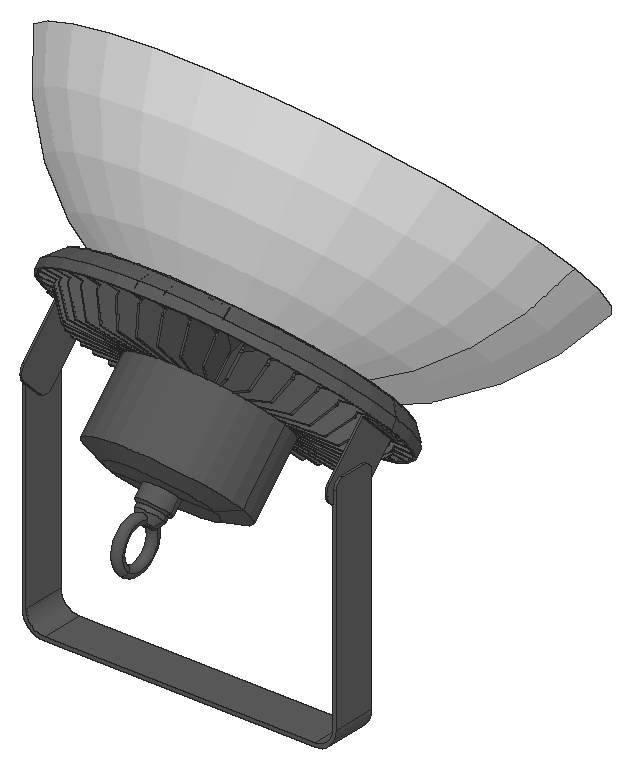
Revit family "0039350+0039353+0039356 Feilo Sylvania Lighting Fixture START HIGHBAY 6K 13KLM WIDE with BRACKET and ALU SHADE ALU COLOR", category Lighting Fixtures, host Face, Revit 2017 (continued)
Definition of nested family "Start LED Highbay Head"
  Dimensions and locks
    "RHHeight4_FEILO": plane 33 to plane 34
    "RHRadius3_FEILO": plane 3 "Center (Left/Right)" to plane 35
    "RHHeight1_FEILO": plane 28 to plane 30
    "EyeInner_FEILO": plane 34 to plane 36
    "EyeInner_FEILO": plane 36 to plane 37
    equal spacing: plane 38, plane 3 "Center (Left/Right)", plane 39
    "EyeThickness_FEILO": plane 38 to plane 39
    "EyeThickness_FEILO": plane 37 to plane 40
    equal spacing: plane 37, plane 41, plane 40
    equal spacing: plane 6, plane 42, plane 18
    "ThicknessBracket_FEILO": plane 45 to plane 6
    "ThicknessBracket_FEILO": plane 8 to plane 44
    locked: plane 43 to plane 18 at 1
    equal spacing: plane 24, plane 46, plane 26
    equal spacing: plane 47, plane 1 "Center (Front/Back)", plane 48
    "WidthBracket_FEILO": plane 47 to plane 48
    "WidthRingChamfer_FEILO": plane 50 to plane 49
    "ThicknessWall_FEILO": plane 51 to plane 49
    equal spacing: plane 50, plane 52, plane 51
    "ThicknessBracket_FEILO": plane 54 to plane 50
    locked: plane 53 to plane 51 at 1
    "Radius_FEILO": plane 49 to plane 3 "Center (Left/Right)"
    "ShadeRadiusOut_FEILO": plane 3 "Center (Left/Right)" to plane 55
    "ShadeHeight_FEILO": plane 56 to plane 4
    "ShadeRadiusIn_FEILO": plane 3 "Center (Left/Right)" to plane 57
    locked: plane 58 to plane 57 at 8
    "ShadeThickness_FEILO": plane 60 to plane 4
    "ShadeThickness_FEILO": plane 59 to plane 55
    "EyeThicknessHalf_FEILO": radius of curve 8
    "ThicknessBracket_FEILO": radius of Extrusion 7 sketch curve  (x2)
    "ThicknessBracketHalf_FEILO": radius of Extrusion 7 sketch curve  (x2)
    "ShadeRadiusBend_FEILO": radius of curve 9
    aligned and locked: plane 2 to Extrusion 1
    aligned and locked: level to Extrusion 1
    aligned and locked: plane 5 to curve 1
    aligned and locked: plane 6 to curve 1
    aligned and locked: plane 7 to curve 1
    aligned and locked: plane 10 to curve 2
    aligned and locked: plane 9 to curve 3
    aligned and locked: plane 4 to curve 3
    aligned and locked: plane 11 to curve 3
    aligned and locked: plane 4 to curve 4
    aligned and locked: plane 18 to curve 5
    aligned and locked: plane 10 to curve 5
    aligned and locked: Revolve 2 sketch curve to plane 3 "Center (Left/Right)"
    aligned and locked: Revolve 2 sketch curve to curve 3
    aligned and locked: Revolve 2 sketch curve to curve 1
    aligned and locked: plane 4 to Revolve 2 sketch curve
    aligned and locked: plane 9 to Revolve 2 sketch curve
    aligned and locked: Revolve 2 sketch curve to plane 13
    aligned and locked: Revolve 2 sketch curve to plane 10
    aligned and locked: plane 13 to Revolve 2 sketch curve
    aligned and locked: plane 10 to Revolve 2 sketch curve
    aligned and locked: Revolve 2 sketch curve to plane 18
    aligned and locked: Revolve 2 sketch curve to plane 8
    aligned and locked: plane 5 to Revolve 2 sketch curve  (x2)
    aligned and locked: Revolve 3 sketch curve to plane 3 "Center (Left/Right)"
    aligned and locked: plane 11 to Revolve 3 sketch curve
    aligned and locked: Revolve 3 sketch curve to curve 2
    aligned and locked: plane 15 to Revolve 3 sketch curve
    aligned and locked: Revolve 3 sketch curve to plane 16
    aligned and locked: plane 17 to Revolve 3 sketch curve  (x2)
    aligned and locked: Revolve 3 sketch curve to plane 12
    aligned and locked: plane 7 to Revolve 3 sketch curve
    aligned and locked: Revolve 4 sketch curve to plane 3 "Center (Left/Right)"
    aligned and locked: Revolve 4 sketch curve to plane 14
    aligned and locked: plane 3 "Center (Left/Right)" to Revolve 4 sketch curve
    aligned and locked: Revolve 4 sketch curve to plane 12
    aligned and locked: plane 15 to Revolve 4 sketch curve
    aligned and locked: Revolve 2 sketch curve to curve 5
    aligned and locked: plane 22 to curve 6
    aligned and locked: plane 21 to curve 6
    aligned and locked: plane 20 to curve 6
    aligned and locked: plane 19 to curve 6
    aligned and locked: plane 33 to curve 7
    aligned and locked: plane 32 to curve 7
    aligned and locked: plane 35 to curve 7
    aligned and locked: plane 34 to curve 7
    aligned and locked: Revolve 5 sketch curve to plane 3 "Center (Left/Right)"
    aligned and locked: Revolve 5 sketch curve to plane 25
    aligned and locked: plane 27 to Revolve 5 sketch curve
    aligned and locked: plane 28 to Revolve 5 sketch curve
    aligned and locked: plane 30 to Revolve 5 sketch curve
    aligned and locked: Revolve 5 sketch curve to plane 29
    aligned and locked: plane 31 to Revolve 5 sketch curve
    aligned and locked: Revolve 5 sketch curve to curve 7
    aligned and locked: Revolve 5 sketch curve to plane 32
    aligned and locked: plane 34 to Revolve 5 sketch curve
    aligned and locked: plane 3 "Center (Left/Right)" to Revolve 5 sketch curve
    aligned and locked: plane 3 "Center (Left/Right)" to curve 8
    aligned and locked: plane 41 to curve 8
    aligned and locked: Revolve 6 sketch curve to plane 36
    aligned and locked: Revolve 6 sketch curve to curve 8
    aligned and locked: plane 43 to Extrusion 7 sketch curve  (x2)
    aligned and locked: plane 8 to Extrusion 7 sketch curve  (x3)
    aligned and locked: Extrusion 7 sketch curve to plane 45
    aligned and locked: Extrusion 7 sketch curve to plane 46  (x2)
    aligned and locked: plane 6 to Extrusion 7 sketch curve
    aligned and locked: Extrusion 7 sketch curve to plane 44  (x2)
    aligned and locked: Extrusion 7 to plane 48
    aligned and locked: plane 47 to Extrusion 7
    aligned and locked: plane 53 to Extrusion 7 sketch curve
    aligned and locked: plane 50 to Extrusion 7 sketch curve
    aligned and locked: Extrusion 7 sketch curve to plane 54
    aligned and locked: Extrusion 8 sketch curve to Extrusion 8 sketch curve
    aligned and locked: Extrusion 8 to plane 6
    aligned and locked: Extrusion 8 to Extrusion 7
    aligned and locked: Revolve 5 sketch curve to plane 22
    aligned and locked: plane 23 to nested 1
    aligned and locked: plane 1 "Center (Front/Back)" to nested 1
    aligned and locked: Revolve 9 sketch curve to plane 3 "Center (Left/Right)"
    aligned and locked: Revolve 9 sketch curve to plane 4
    aligned and locked: plane 6 to Revolve 9 sketch curve
    aligned and locked: plane 4 to Revolve 9 sketch curve
    aligned and locked: plane 7 to Revolve 9 sketch curve
    aligned and locked: Revolve 9 sketch curve to plane 5
    aligned and locked: plane 8 to Revolve 9 sketch curve  (x2)
    aligned and locked: Revolve 9 sketch curve to plane 19
    aligned and locked: plane 20 to Revolve 9 sketch curve
    aligned and locked: plane 19 to Revolve 9 sketch curve
    aligned and locked: plane 21 to Revolve 9 sketch curve
    aligned and locked: plane 22 to Revolve 9 sketch curve  (x2)
    aligned and locked: Revolve 9 sketch curve to Revolve 9 sketch curve
    aligned and locked: imposter light to plane 4
    aligned and locked: plane 3 "Center (Left/Right)" to imposter light
    aligned and locked: imposter light to plane 1 "Center (Front/Back)"
    aligned and locked: plane 55 to curve 9
    aligned and locked: plane 56 to curve 9
    aligned and locked: plane 57 to curve 9
    aligned and locked: plane 4 to curve 9
    aligned and locked: Revolve 10 sketch curve to curve 9
    aligned and locked: plane 58 to Revolve 10 sketch curve
    aligned and locked: plane 57 to Revolve 10 sketch curve
    aligned and locked: plane 56 to Revolve 10 sketch curve  (x2)
    aligned and locked: Revolve 10 sketch curve to plane 58
    aligned and locked: plane 60 to Revolve 10 sketch curve
  Automatic sketch dimensions
    Extrusion 1 sketch curve to Extrusion 1 sketch curve = 2438.4 mm  (x2)
    Revolve 2 sketch curve to plane 6 = 0.299 mm
    plane 6 to Revolve 2 sketch curve = 0.459 mm
    Revolve 2 sketch curve to level = 609.6 mm
    Revolve 2 sketch curve to Revolve 2 sketch curve = 2312.223 mm
    Revolve 3 sketch curve to plane 12 = 0 mm
    Revolve 3 sketch curve to plane 3 "Center (Left/Right)" = 0 mm
    Revolve 3 sketch curve to level = 609.6 mm
    Revolve 3 sketch curve to plane 4 = 2339.058 mm
    Revolve 4 sketch curve to level = 609.6 mm
    Revolve 4 sketch curve to plane 4 = 2339.058 mm
    Revolve 6 sketch curve to plane 5 = 1080 mm
    plane 38 to Revolve 6 sketch curve = 1219.2 mm
    Extrusion 8 sketch curve to plane 47 = 0 mm
    plane 46 to Extrusion 8 sketch curve = 0 mm  (x2)
    Extrusion 8 sketch curve to plane 48 = 0 mm
    plane 47 to Extrusion 8 sketch curve = 5 mm
    plane 1 "Center (Front/Back)" to Extrusion 8 sketch curve = 10 mm
    Extrusion 8 sketch curve to Extrusion 8 sketch curve = 10 mm
    plane 46 to Extrusion 8 sketch curve = 5 mm
    Extrusion 8 sketch curve to Extrusion 8 sketch curve = 5 mm
    Extrusion 8 sketch curve to plane 48 = 5 mm
    Revolve 5 sketch curve to plane 26 = 0 mm
    Revolve 5 sketch curve to plane 35 = 0.437 mm
    plane 35 to Revolve 5 sketch curve = 0.847 mm
    Revolve 5 sketch curve to plane 34 = 0.726 mm
    plane 40 to Revolve 5 sketch curve = 590.2 mm
    Revolve 5 sketch curve to plane 4 = 2339.058 mm
    Revolve 9 sketch curve to level = 609.6 mm
    Revolve 9 sketch curve to Revolve 9 sketch curve = 2386.058 mm
    curve 2 to plane 3 "Center (Left/Right)" = 0 mm
    Revolve 10 sketch curve to Revolve 10 sketch curve = 0 mm  (x2)
    Revolve 10 sketch curve to plane 3 "Center (Left/Right)" = 0 mm
    plane 57 to Revolve 10 sketch curve = 0.659 mm
    Revolve 10 sketch curve to level = 609.6 mm
    Revolve 10 sketch curve to Revolve 10 sketch curve = 2068.248 mm
  Nested families
    nested 1: "Start Highbay Rib" at (0, 0, 67.775), type "Type Name", detail levels medium+fine
      with SuspensionHeight_FEILO 2.6 mm
    nested 2: "Start Highbay Rib" at (0, 0, 67.775) x (0.9877, 0.1564, 0) z (0, 0, 1), type "Type Name", detail levels medium+fine
      with SuspensionHeight_FEILO 2.6 mm
    nested 3: "Start Highbay Rib" at (0, 0, 67.775) x (0.9511, 0.309, 0) z (0, 0, 1), type "Type Name", detail levels medium+fine
      with SuspensionHeight_FEILO 2.6 mm
    nested 4: "Start Highbay Rib" at (0, 0, 67.775) x (0.891, 0.454, 0) z (0, 0, 1), type "Type Name", detail levels medium+fine
      with SuspensionHeight_FEILO 2.6 mm
    nested 5: "Start Highbay Rib" at (0, 0, 67.775) x (0.809, 0.5878, 0) z (0, 0, 1), type "Type Name", detail levels medium+fine
      with SuspensionHeight_FEILO 2.6 mm
    nested 6: "Start Highbay Rib" at (0, 0, 67.775) x (0.7071, 0.7071, 0) z (0, 0, 1), type "Type Name", detail levels medium+fine
      with SuspensionHeight_FEILO 2.6 mm
    nested 7: "Start Highbay Rib" at (0, 0, 67.775) x (0.5878, 0.809, 0) z (0, 0, 1), type "Type Name", detail levels medium+fine
      with SuspensionHeight_FEILO 2.6 mm
    nested 8: "Start Highbay Rib" at (0, 0, 67.775) x (0.454, 0.891, 0) z (0, 0, 1), type "Type Name", detail levels medium+fine
      with SuspensionHeight_FEILO 2.6 mm
    nested 9: "Start Highbay Rib" at (0, 0, 67.775) x (0.309, 0.9511, 0) z (0, 0, 1), type "Type Name", detail levels medium+fine
      with SuspensionHeight_FEILO 2.6 mm
    nested 10: "Start Highbay Rib" at (0, 0, 67.775) x (0.1564, 0.9877, 0) z (0, 0, 1), type "Type Name", detail levels medium+fine
      with SuspensionHeight_FEILO 2.6 mm
    nested 11: "Start Highbay Rib" at (0, 0, 67.775) x (0, 1, 0) z (0, 0, 1), type "Type Name", detail levels medium+fine
      with SuspensionHeight_FEILO 2.6 mm
    nested 12: "Start Highbay Rib" at (0, 0, 67.775) x (-0.1564, 0.9877, 0) z (0, 0, 1), type "Type Name", detail levels medium+fine
      with SuspensionHeight_FEILO 2.6 mm
    nested 13: "Start Highbay Rib" at (0, 0, 67.775) x (-0.309, 0.9511, 0) z (0, 0, 1), type "Type Name", detail levels medium+fine
      with SuspensionHeight_FEILO 2.6 mm
    nested 14: "Start Highbay Rib" at (0, 0, 67.775) x (-0.454, 0.891, 0) z (0, 0, 1), type "Type Name", detail levels medium+fine
      with SuspensionHeight_FEILO 2.6 mm
    nested 15: "Start Highbay Rib" at (0, 0, 67.775) x (-0.5878, 0.809, 0) z (0, 0, 1), type "Type Name", detail levels medium+fine
      with SuspensionHeight_FEILO 2.6 mm
    nested 16: "Start Highbay Rib" at (0, 0, 67.775) x (-0.7071, 0.7071, 0) z (0, 0, 1), type "Type Name", detail levels medium+fine
      with SuspensionHeight_FEILO 2.6 mm
    nested 17: "Start Highbay Rib" at (0, 0, 67.775) x (-0.809, 0.5878, 0) z (0, 0, 1), type "Type Name", detail levels medium+fine
      with SuspensionHeight_FEILO 2.6 mm
    nested 18: "Start Highbay Rib" at (0, 0, 67.775) x (-0.891, 0.454, 0) z (0, 0, 1), type "Type Name", detail levels medium+fine
      with SuspensionHeight_FEILO 2.6 mm
    nested 19: "Start Highbay Rib" at (0, 0, 67.775) x (-0.9511, 0.309, 0) z (0, 0, 1), type "Type Name", detail levels medium+fine
      with SuspensionHeight_FEILO 2.6 mm
    nested 20: "Start Highbay Rib" at (0, 0, 67.775) x (-0.9877, 0.1564, 0) z (0, 0, 1), type "Type Name", detail levels medium+fine
      with SuspensionHeight_FEILO 2.6 mm
    nested 21: "Start Highbay Rib" at (0, 0, 67.775) x (-1, 0, 0) z (0, 0, 1), type "Type Name", detail levels medium+fine
      with SuspensionHeight_FEILO 2.6 mm
    nested 22: "Start Highbay Rib" at (0, 0, 67.775) x (-0.9877, -0.1564, 0) z (0, 0, 1), type "Type Name", detail levels medium+fine
      with SuspensionHeight_FEILO 2.6 mm
    nested 23: "Start Highbay Rib" at (0, 0, 67.775) x (-0.9511, -0.309, 0) z (0, 0, 1), type "Type Name", detail levels medium+fine
      with SuspensionHeight_FEILO 2.6 mm
    nested 24: "Start Highbay Rib" at (0, 0, 67.775) x (-0.891, -0.454, 0) z (0, 0, 1), type "Type Name", detail levels medium+fine
      with SuspensionHeight_FEILO 2.6 mm
    nested 25: "Start Highbay Rib" at (0, 0, 67.775) x (-0.809, -0.5878, 0) z (0, 0, 1), type "Type Name", detail levels medium+fine
      with SuspensionHeight_FEILO 2.6 mm
    nested 26: "Start Highbay Rib" at (0, 0, 67.775) x (-0.7071, -0.7071, 0) z (0, 0, 1), type "Type Name", detail levels medium+fine
      with SuspensionHeight_FEILO 2.6 mm
    nested 27: "Start Highbay Rib" at (0, 0, 67.775) x (-0.5878, -0.809, 0) z (0, 0, 1), type "Type Name", detail levels medium+fine
      with SuspensionHeight_FEILO 2.6 mm
    nested 28: "Start Highbay Rib" at (0, 0, 67.775) x (-0.454, -0.891, 0) z (0, 0, 1), type "Type Name", detail levels medium+fine
      with SuspensionHeight_FEILO 2.6 mm
    nested 29: "Start Highbay Rib" at (0, 0, 67.775) x (-0.309, -0.9511, 0) z (0, 0, 1), type "Type Name", detail levels medium+fine
      with SuspensionHeight_FEILO 2.6 mm
    nested 30: "Start Highbay Rib" at (0, 0, 67.775) x (-0.1564, -0.9877, 0) z (0, 0, 1), type "Type Name", detail levels medium+fine
      with SuspensionHeight_FEILO 2.6 mm
    nested 31: "Start Highbay Rib" at (0, 0, 67.775) x (0, -1, 0) z (0, 0, 1), type "Type Name", detail levels medium+fine
      with SuspensionHeight_FEILO 2.6 mm
    nested 32: "Start Highbay Rib" at (0, 0, 67.775) x (0.1564, -0.9877, 0) z (0, 0, 1), type "Type Name", detail levels medium+fine
      with SuspensionHeight_FEILO 2.6 mm
    nested 33: "Start Highbay Rib" at (0, 0, 67.775) x (0.309, -0.9511, 0) z (0, 0, 1), type "Type Name", detail levels medium+fine
      with SuspensionHeight_FEILO 2.6 mm
    nested 34: "Start Highbay Rib" at (0, 0, 67.775) x (0.454, -0.891, 0) z (0, 0, 1), type "Type Name", detail levels medium+fine
      with SuspensionHeight_FEILO 2.6 mm
    nested 35: "Start Highbay Rib" at (0, 0, 67.775) x (0.5878, -0.809, 0) z (0, 0, 1), type "Type Name", detail levels medium+fine
      with SuspensionHeight_FEILO 2.6 mm
    nested 36: "Start Highbay Rib" at (0, 0, 67.775) x (0.7071, -0.7071, 0) z (0, 0, 1), type "Type Name", detail levels medium+fine
      with SuspensionHeight_FEILO 2.6 mm
    nested 37: "Start Highbay Rib" at (0, 0, 67.775) x (0.809, -0.5878, 0) z (0, 0, 1), type "Type Name", detail levels medium+fine
      with SuspensionHeight_FEILO 2.6 mm
    nested 38: "Start Highbay Rib" at (0, 0, 67.775) x (0.891, -0.454, 0) z (0, 0, 1), type "Type Name", detail levels medium+fine
      with SuspensionHeight_FEILO 2.6 mm
    nested 39: "Start Highbay Rib" at (0, 0, 67.775) x (0.9511, -0.309, 0) z (0, 0, 1), type "Type Name", detail levels medium+fine
      with SuspensionHeight_FEILO 2.6 mm
    nested 40: "Start Highbay Rib" at (0, 0, 67.775) x (0.9877, -0.1564, 0) z (0, 0, 1), type "Type Name", detail levels medium+fine
      with SuspensionHeight_FEILO 2.6 mm
  Definition of nested family "Start Highbay Rib"
    Parameters (values of type "Type Name")
      WidthStraight_FEILO = if(SizeS_FEILO, 3 mm, if(SizeM_FEILO, 4 mm, 4.7 mm))  # 3 mm
      WidthRingChamfer_FEILO = if(SizeS_FEILO, 10.3 mm, if(SizeM_FEILO, 11.2 mm, 12.9 mm))  # 10.3 mm
      WidthCurved_FEILO = if(SizeS_FEILO, 17.4 mm, if(SizeM_FEILO, 16.4 mm, 26.2 mm))  # 17.4 mm
      WidthCurvedRing_FEILO = if(SizeS_FEILO, 3 mm, if(SizeM_FEILO, 4 mm, 4.7 mm))  # 3 mm
      WidthBracket_FEILO = 40 mm
      URL = "http://www.feilosylvania.com"
      Type Image = (empty or 0)
      Type Comments = "n/a"
      ThicknessWall_FEILO = 1.5 mm
      ThicknessBracket_FEILO = 1.5 mm
      ThicknessBracketHalf_FEILO = ThicknessBracket_FEILO / 2  # 0.75 mm
      SuspensionHeight_FEILO [instance] = 2.6 mm
      SizeS_FEILO = yes
      SizeM_FEILO = no
      Rib4_FEILO = if(SizeS_FEILO, 18.1 mm, if(SizeM_FEILO, 13.6 mm, 14.6 mm))  # 18.1 mm
      Rib3_FEILO = if(SizeS_FEILO, 15.3 mm, if(SizeM_FEILO, 17.6 mm, 20.2 mm))  # 15.3 mm
      Rib2_FEILO = if(SizeS_FEILO, 3.6 mm, if(SizeM_FEILO, 3.9 mm, 4.5 mm))  # 3.6 mm
      Rib1_FEILO = if(SizeS_FEILO, 15.1 mm, if(SizeM_FEILO, 16.5 mm, 19 mm))  # 15.1 mm
      RadiusRib_FEILO = 2 mm
      RadiusDiffuser_FEILO = if(SizeS_FEILO, 95.2 mm, if(SizeM_FEILO, 105.3 mm, 120 mm))  # 95.2 mm
      RHRadius3_FEILO = if(SizeS_FEILO, 6.6 mm, if(SizeM_FEILO, 7.4 mm, 8.6 mm))  # 6.6 mm
      RHRadius2_FEILO = if(SizeS_FEILO, 11 mm, if(SizeM_FEILO, 12 mm, 14 mm))  # 11 mm
      RHRadius1_FEILO = if(SizeS_FEILO, 13.6 mm, if(SizeM_FEILO, 14.9 mm, 17.7 mm))  # 13.6 mm
      RHHeight4_FEILO = if(SizeS_FEILO, 7.3 mm, if(SizeM_FEILO, 8 mm, 9.2 mm))  # 7.3 mm
      RHHeight3_FEILO = if(SizeS_FEILO, 3.6 mm, if(SizeM_FEILO, 3.7 mm, 4.6 mm))  # 3.6 mm
      RHHeight2_FEILO = if(SizeS_FEILO, 2 mm, if(SizeM_FEILO, 2.2 mm, 2.6 mm))  # 2 mm
      RHHeight1_FEILO = if(SizeS_FEILO, 11.8 mm, if(SizeM_FEILO, 15.3 mm, 17.4 mm))  # 11.8 mm
      Material_3_FEILO = none
      Model = ""
      Manufacturer = "Feilo Sylvania"
      Keynote = "16500"
      HeightRing_FEILO = if(SizeS_FEILO, 19.8 mm, if(SizeM_FEILO, 32 mm, 36.8 mm))  # 19.8 mm
      HeightRingChamfer_FEILO = if(SizeS_FEILO, 11.7 mm, if(SizeM_FEILO, 23.2 mm, 26.6 mm))  # 11.7 mm
      EyeThickness_FEILO = if(SizeS_FEILO, 8.4 mm, if(SizeM_FEILO, 9.2 mm, 10.5 mm))  # 8.4 mm
      EyeThicknessHalf_FEILO = EyeThickness_FEILO / 2  # 4.2 mm
      EyeInner_FEILO = if(SizeS_FEILO, 13.8 mm, if(SizeM_FEILO, 15.1 mm, 17.3 mm))  # 13.8 mm
      DriverVerticalStraight_FEILO = if(SizeS_FEILO, 46.5 mm, if(SizeM_FEILO, 49.7 mm, 57 mm))  # 46.5 mm
      DriverVerticalChamfer_FEILO = if(SizeS_FEILO, 7.5 mm, if(SizeM_FEILO, 8.2 mm, 9.5 mm))  # 7.5 mm
      DriverRadius_FEILO = if(SizeS_FEILO, 61.4 mm, if(SizeM_FEILO, 67.2 mm, 76.4 mm))  # 61.4 mm
      DriverRadiusTop_FEILO = if(SizeS_FEILO, 42 mm, if(SizeM_FEILO, 45.3 mm, 52.4 mm))  # 42 mm
      DriverBottom_FEILO = if(SizeS_FEILO, 56 mm, if(SizeM_FEILO, 64.5 mm, 74 mm))  # 56 mm
      Material_2_FEILO = none
      Radius_FEILO = if(SizeS_FEILO, 135 mm, if(SizeM_FEILO, 148 mm, 169.5 mm))  # 135 mm
      Description = ""
      Default Elevation = 1219.2 mm
      Cost = 0
      Material_1_FEILO = none
      Assembly Code = "D5020200"
      Material_4_FEILO = none
    Reference planes
      plane 1 "Center (Front/Back)": y = 0
      plane 2: z = 0
      plane 3 "Center (Left/Right)": x = 0
      plane 4: z = 2.6
      plane 5: x = -135
      plane 6: x = -124.7
      plane 7: z = -9.1
      plane 8: z = -17.2
      plane 9: x = -121.7
      plane 10: z = -0.025
      plane 11: x = -104.3
      plane 12: x = -95.2
      plane 13: x = -118.7
      plane 14: z = 0.975
      plane 15: z = -1.025
      plane 16: x = -92.2
      plane 17: z = -2.025
      plane 18: x = -133.5
      plane 19: x = -119.9
      plane 20: z = -20.8
      plane 21: x = -104.6
      plane 22: z = -38.9
      plane 23: x = -20
      plane 24: z = -53.4
      plane 25: x = -61.4
      plane 26: z = -99.9
      plane 27: x = -42
      plane 28: z = -107.4
      plane 29: x = -13.6
      plane 30: z = -119.2
      plane 31: z = -121.2
      plane 32: x = -11
      plane 33: z = -124.8
      plane 34: z = -132.1
      plane 35: x = -6.6
      plane 36: z = -145.9
      plane 37: z = -159.7
      plane 38: x = 4.2
      plane 39: x = -4.2
      plane 40: z = -168.1
      plane 41: z = -163.9
      plane 42: x = -129.1
      plane 43: x = -132.5
      plane 44: z = -18.7
      plane 45: x = -123.2
      plane 46: z = -76.65
      plane 47: y = -20
      plane 48: y = 20
      plane 49: x = 135
      plane 50: x = 124.7
      plane 51: x = 133.5
      plane 52: x = 129.1
      plane 53: x = 132.5
      plane 54: x = 123.2
      plane 55: y = 0.75
      plane 56: y = -0.75
    Forms (mm)
      Extrusion 1, solid
        sketch origin (4.2, 0, 0) x (1, 0, 0) y (0, 1, 0)
          loop
            line (-1219.2, 1219.2) -> (-1219.2, -1219.2) -> (1219.2, -1219.2) -> (1219.2, 1219.2) -> (-1219.2, 1219.2)
        from 0 to -68.017
      Extrusion 2, solid, material <- "Material_1_FEILO"
        sketch origin (0, 0, 0) x (1, 0, 0) y (0, 0, 1)
          loop
            arc (-104.3, -0.025) -> (-111.555, 0.423) -> (-118.7, 1.76) r 58.981
            line (-118.7, 1.76) -> (-118.7, -0.025) -> (-125.012, -0.025) -> (-133.5, -9.666) -> (-133.5, -17.2) -> (-119.9, -17.2) -> (-119.9, -20.068)
            arc (-119.9, -20.068) -> (-119.778, -20.755) -> (-119.427, -21.359) r 2
            line (-119.427, -21.359) -> (-104.966, -38.467)
            arc (-104.966, -38.467) -> (-104.381, -38.789) -> (-103.723, -38.9) r 2
            line (-103.723, -38.9) -> (-20, -38.9) -> (-20, -9.1) -> (-95.2, -9.1) -> (-95.2, -2.025) -> (-104.3, -2.025) -> (-104.3, -0.025)
        from -0.75 to 0.75
    Lines and regions (mm)
      reference lines
        curve 1: line (-135, 0, -9.1) -> (-124.7, 0, 2.6)
        curve 2: line (-104.3, 0, -0.025) -> (0, 0, -0.025)
        curve 3: arc (-104.3, 0, -0.025) -> (-113.098, 0, 0.635) -> (-121.7, 0, 2.6) r 58.981
        curve 4: line (-124.7, 0, 2.6) -> (-121.7, 0, 2.6)
        curve 5: line (-125.012, 0, -0.025) -> (-133.5, 0, -9.666)
        curve 6: line (-119.9, 0, -20.8) -> (-104.6, 0, -38.9)
    Dimensions and locks
      "Radius_FEILO": plane 3 "Center (Left/Right)" to plane 5
      "WidthRingChamfer_FEILO": plane 6 to plane 5
      "WidthStraight_FEILO": plane 9 to plane 6
      "WidthCurvedRing_FEILO": plane 13 to plane 9
      locked: plane 10 to plane 15 at 1
      locked: plane 14 to plane 10 at 1
      locked: plane 4 to plane 10 at 2.625
      locked: plane 15 to plane 17 at 1
      "ThicknessWall_FEILO": plane 18 to plane 5
      "ThicknessWall_FEILO": curve 5 to curve 1
      "HeightRingChamfer_FEILO": plane 4 to plane 7
      "HeightRing_FEILO": plane 4 to plane 8
      "RadiusDiffuser_FEILO": plane 3 "Center (Left/Right)" to plane 12
      locked: plane 16 to plane 12 at 3
      "WidthCurved_FEILO": plane 11 to plane 9
      "SuspensionHeight_FEILO": plane 4 to plane 2
      "Rib1_FEILO": plane 19 to plane 5
      "Rib2_FEILO": plane 8 to plane 20
      "Rib3_FEILO": plane 21 to plane 19
      "Rib4_FEILO": plane 20 to plane 22
      locked: plane 3 "Center (Left/Right)" to plane 23 at 20
      "DriverBottom_FEILO": plane 4 to plane 24
      "DriverRadius_FEILO": plane 3 "Center (Left/Right)" to plane 25
      "DriverVerticalStraight_FEILO": plane 24 to plane 26
      "DriverRadiusTop_FEILO": plane 3 "Center (Left/Right)" to plane 27
      "DriverVerticalChamfer_FEILO": plane 26 to plane 28
      "RHRadius1_FEILO": plane 3 "Center (Left/Right)" to plane 29
      "RHHeight2_FEILO": plane 30 to plane 31
      "RHRadius2_FEILO": plane 3 "Center (Left/Right)" to plane 32
      "RHHeight3_FEILO": plane 31 to plane 33
      "RHHeight4_FEILO": plane 33 to plane 34
      "RHRadius3_FEILO": plane 3 "Center (Left/Right)" to plane 35
      "RHHeight1_FEILO": plane 28 to plane 30
      "EyeInner_FEILO": plane 34 to plane 36
      "EyeInner_FEILO": plane 36 to plane 37
      equal spacing: plane 38, plane 3 "Center (Left/Right)", plane 39
      "EyeThickness_FEILO": plane 38 to plane 39
      "EyeThickness_FEILO": plane 37 to plane 40
      equal spacing: plane 37, plane 41, plane 40
      equal spacing: plane 6, plane 42, plane 18
      "ThicknessBracket_FEILO": plane 45 to plane 6
      "ThicknessBracket_FEILO": plane 8 to plane 44
      locked: plane 43 to plane 18 at 1
      equal spacing: plane 24, plane 46, plane 26
      equal spacing: plane 47, plane 1 "Center (Front/Back)", plane 48
      "WidthBracket_FEILO": plane 47 to plane 48
      "WidthRingChamfer_FEILO": plane 50 to plane 49
      "ThicknessWall_FEILO": plane 51 to plane 49
      equal spacing: plane 50, plane 52, plane 51
      "ThicknessBracket_FEILO": plane 54 to plane 50
      locked: plane 53 to plane 51 at 1
      "Radius_FEILO": plane 49 to plane 3 "Center (Left/Right)"
      equal spacing: plane 56, plane 1 "Center (Front/Back)", plane 55
      "ThicknessWall_FEILO": plane 56 to plane 55
      "RadiusRib_FEILO": radius of Extrusion 2 sketch curve  (x2)
      aligned and locked: plane 2 to Extrusion 1
      aligned and locked: level to Extrusion 1
      aligned and locked: plane 5 to curve 1
      aligned and locked: plane 6 to curve 1
      aligned and locked: plane 7 to curve 1
      aligned and locked: plane 10 to curve 2
      aligned and locked: plane 9 to curve 3
      aligned and locked: plane 4 to curve 3
      aligned and locked: plane 11 to curve 3
      aligned and locked: plane 4 to curve 4
      aligned and locked: plane 18 to curve 5
      aligned and locked: plane 10 to curve 5
      aligned and locked: plane 22 to curve 6
      aligned and locked: plane 21 to curve 6
      aligned and locked: plane 20 to curve 6
      aligned and locked: plane 19 to curve 6
      aligned and locked: Extrusion 2 sketch curve to plane 23
      aligned and locked: Extrusion 2 sketch curve to plane 22
      aligned and locked: Extrusion 2 sketch curve to curve 6
      aligned and locked: plane 19 to Extrusion 2 sketch curve
      aligned and locked: Extrusion 2 sketch curve to plane 8
      aligned and locked: Extrusion 2 sketch curve to curve 5
      aligned and locked: Extrusion 2 sketch curve to curve 3
      aligned and locked: Extrusion 2 to plane 55
      aligned and locked: plane 56 to Extrusion 2
      aligned and locked: curve 6 to Extrusion 2 sketch curve
    Automatic sketch dimensions
      Extrusion 1 sketch curve to Extrusion 1 sketch curve = 2438.4 mm  (x2)
      curve 2 to plane 3 "Center (Left/Right)" = 0 mm
      Extrusion 2 sketch curve to plane 18 = 0 mm
      Extrusion 2 sketch curve to plane 10 = 0 mm
      Extrusion 2 sketch curve to plane 13 = 0 mm
      Extrusion 2 sketch curve to plane 7 = 0 mm
      Extrusion 2 sketch curve to plane 12 = 0 mm
      Extrusion 2 sketch curve to plane 17 = 0 mm
      plane 19 to Extrusion 2 sketch curve = 0.473 mm
      Extrusion 2 sketch curve to plane 21 = 0.366 mm
